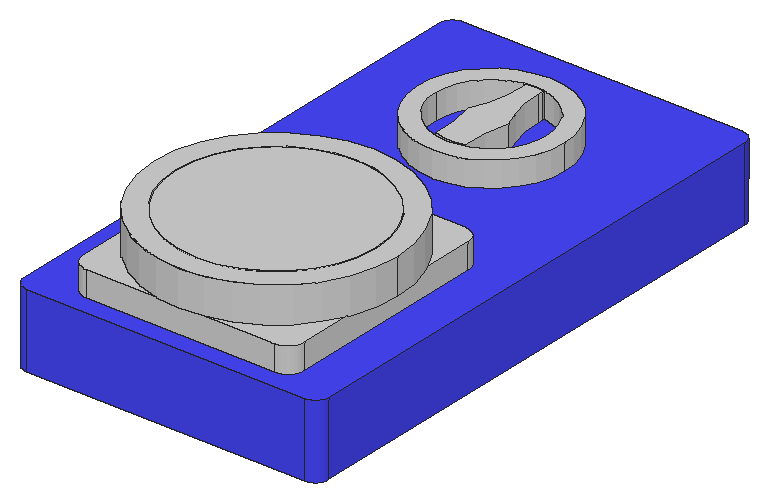
Revit family "Building-IEC309Connections-GEWISS-67IB-INTERLOCKED-SOCKET-OUTLETS_IP67_WITHOUT_BOTTOM_63A", category Apparecchi elettrici, host Superficie, Revit 2019
Family settings
  Host = Superficie
  Mantenere orientamento annotazione = Sì
  Quota connettore circolare = Usa diametro
  Tipo di parte = Normale
  Taglio con vuoti quando caricato = Sì
  Condiviso = Sì
  Punto di calcolo locali = Sì
Parameters (values of type "GW67366N - 63A 3P+N+E 500V V.INT.SOCK.O.N.B.7H SBF")
  vista 2d [instance] = yes
  presa = Giallo
  giallo = 0 mm
  dist_piano [instance] = 0 mm
  Working temperature = "-25 ÷ +40 °C"
  With back-mounting box = "No"
  Version file RFA = "21.4"
  URL = "https://www.gewiss.com/ww/en"
  Typology = "Vertical"
  Thermo-pressure with ball = "125 °C"
  Technical sheet = "https://www.gewiss.com/ww/en/search?q=GW67366N"
  Struttura = Grigio RAL - 7035
  Simbolo presa = PRESAINDSTAGNA : 3P
  Simbolo circuito [instance] = not(Simbolo)  # no
  Simbolo [instance] = yes
  Shock resistance = "IK08"
  SEO = "Socket outlet"
  Reference h = "7"
  Realized by GEWISS S.p.A. = ""
  Rated voltage: = "480 - 500 V"
  Rated voltage = "480 - 500 V"
  Rated frequency (Hz) = "50/60 Hz"
  Rated current (In) = "63"
  Rated current (A) = "63"
  Protection = "NO (SBF)"
  Default Elevation = 1219.2 mm
  Produttore = "GEWISS S.p.A."
  Operating temperature: = "-25 +40 °C"
  Number of poles = "3P+N+E"
  No. of poles = "3P+N+E"
  Modello = "GW67366N"
  Immagine tipo = D.jpg
  IP degree = "IP67"
  IDT = "3210f2e1-5490-4980-ba84-a365430e0752"
  IDF = "122861de-0204-44ac-8832-c9cd502636ad"
  Glow wire test: = "850 °C"
  Glow Wire Test = "850 °C"
  Frequency = "50/60 Hz"
  Electrocod = "2222"
  EAN code = "8011564742475"
  Distanza x [instance] = 500 mm
  Distanza orizzontale simbolo [instance] = 0 mm
  Distanza effettiva x [instance] = 1500 mm - Distanza x  # 1000 mm
  Descrizione = "63A 3P+N+E 500V V.INT.SOCK.O.N.B.7H SBF"
  Corpo presa = GEWISS -BLU
  Cornice simbolo [instance] = yes
  Colour: = "Black"
  Colour = "Black"
  Catalogue Range = "67 IB"
  Catalogue = "BUILDING"
  COBie.Tagnumber = ""
  COBie.CreatedOn = ""
  COBie.CreatebBy = ""
  COBie.ComponentRegisterItemID = ""
  COBie.Component.TagNumber = ""
  COBie.Component.Space = ""
  COBie.Component.SerialNumber = ""
  COBie.Component.InstallationDate = ""
  COBie.Component.Description = ""
  COBie.Component.BarCode = ""
Types (11, lengths in mm): name | Technical sheet | Reference h | Rated voltage: | Rated voltage | Number of poles | No. of poles | Modello | IDT | EAN code | Descrizione | Colour: | Colour
  GW67356N - 63A 2P+E 110V V.INT.SOCK.O.N.B.4H SBF | "https://www.gewiss.com/ww/en/search?q=GW67356N" | "4" | "100 - 130 V" | "100 - 130 V" | "2P+E" | "2P+E" | "GW67356N" | "26c39419-d3e0-4930-9803-9abcb1c1a306" | "8011564742376" | "63A 2P+E 110V V.INT.SOCK.O.N.B.4H SBF" | "Yellow" | "Yellow"
  GW67357N - 63A 3P+E 110V V.INT.SOCK.O.N.B.4H SBF | "https://www.gewiss.com/ww/en/search?q=GW67357N" | "4" | "100 - 130 V" | "100 - 130 V" | "3P+E" | "3P+E" | "GW67357N" | "5f02d633-e34b-40a4-a35e-811170157fda" | "8011564742383" | "63A 3P+E 110V V.INT.SOCK.O.N.B.4H SBF" | "Yellow" | "Yellow"
  GW67358N - 63A 3P+N+E 110V V.INT.SOCK.O.N.B.4H SBF | "https://www.gewiss.com/ww/en/search?q=GW67358N" | "4" | "100 - 130 V" | "100 - 130 V" | "3P+N+E" | "3P+N+E" | "GW67358N" | "93eb2776-fcce-4b19-b5dd-6011ab25fb3d" | "8011564742390" | "63A 3P+N+E 110V V.INT.SOCK.O.N.B.4H SBF" | "Yellow" | "Yellow"
  GW67359N - 63A 2P+E 220V V.INT.SOCK.O.N.B.6H SBF | "https://www.gewiss.com/ww/en/search?q=GW67359N" | "6" | "200 - 250 V" | "200 - 250 V" | "2P+E" | "2P+E" | "GW67359N" | "1ff93a93-9cc6-40fb-bdfa-01e282e61db8" | "8011564742406" | "63A 2P+E 220V V.INT.SOCK.O.N.B.6H SBF" | "Blue" | "Blue"
  GW67360N - 63A 3P+E 220V V.INT.SOCK.O.N.B.9H SBF | "https://www.gewiss.com/ww/en/search?q=GW67360N" | "9" | "200 - 250 V" | "200 - 250 V" | "3P+E" | "3P+E" | "GW67360N" | "ade45149-52f5-4abe-a77b-9372e4a2410f" | "8011564742413" | "63A 3P+E 220V V.INT.SOCK.O.N.B.9H SBF" | "Blue" | "Blue"
  GW67361N - 63A 3P+N+E 220V V.INT.SOCK.O.N.B.9H SBF | "https://www.gewiss.com/ww/en/search?q=GW67361N" | "9" | "200 - 250 V" | "200 - 250 V" | "3P+N+E" | "3P+N+E" | "GW67361N" | "71f62e0c-8f33-40b9-ad90-9193a196b102" | "8011564742420" | "63A 3P+N+E 220V V.INT.SOCK.O.N.B.9H SBF" | "Blue" | "Blue"
  GW67362N - 63A 2P+E 380V V.INT.SOCK.O.N.B.9H SBF | "https://www.gewiss.com/ww/en/search?q=GW67362N" | "9" | "380 - 415 V" | "380 - 415 V" | "2P+E" | "2P+E" | "GW67362N" | "43f2eb15-7a04-4c0a-9d15-f667176e4462" | "8011564742437" | "63A 2P+E 380V V.INT.SOCK.O.N.B.9H SBF" | "Red" | "Red"
  GW67363N - 63A 3P+E 380V V.INT.SOCK.O.N.B.6H SBF | "https://www.gewiss.com/ww/en/search?q=GW67363N" | "6" | "380 - 415 V" | "380 - 415 V" | "3P+E" | "3P+E" | "GW67363N" | "d5356561-e4a9-44be-92cc-860c7b09878b" | "8011564742444" | "63A 3P+E 380V V.INT.SOCK.O.N.B.6H SBF" | "Red" | "Red"
  GW67364N - 63A 3P+N+E 380V V.INT.SOCK.O.N.B.6H SBF | "https://www.gewiss.com/ww/en/search?q=GW67364N" | "6" | "380 - 415 V" | "380 - 415 V" | "3P+N+E" | "3P+N+E" | "GW67364N" | "e556fdd2-c85e-410a-8ddd-4bf9f2b33c7f" | "8011564742451" | "63A 3P+N+E 380V V.INT.SOCK.O.N.B.6H SBF" | "Red" | "Red"
  GW67365N - 63A 3P+E 500V V.INT.SOCK.O.N.B.7H SBF | "https://www.gewiss.com/ww/en/search?q=GW67365N" | "7" | "480 - 500 V" | "480 - 500 V" | "3P+E" | "3P+E" | "GW67365N" | "db613e6f-1299-4c04-8b3a-9093451a3381" | "8011564742468" | "63A 3P+E 500V V.INT.SOCK.O.N.B.7H SBF" | "Black" | "Black"
  GW67366N - 63A 3P+N+E 500V V.INT.SOCK.O.N.B.7H SBF | "https://www.gewiss.com/ww/en/search?q=GW67366N" | "7" | "480 - 500 V" | "480 - 500 V" | "3P+N+E" | "3P+N+E" | "GW67366N" | "3210f2e1-5490-4980-ba84-a365430e0752" | "8011564742475" | "63A 3P+N+E 500V V.INT.SOCK.O.N.B.7H SBF" | "Black" | "Black"
Reference planes
  plane 1 "Centro (Fronte/Retro)": y = 0
  plane 2: z = 0
  plane 3 "Centro (Sinistra/Destra)": x = 0
  plane 4: z = -2
  plane 5: z = -2
  plane 6: x = -1500
  plane 7: x = 0
  plane 8: x = -74.725
  plane 9: y = 132.145
  plane 10: x = 74.725
  plane 11: y = -132.145
  plane 12: z = -2
  plane 13: x = -500
Forms (mm)
  Extrusion 1, solid, detail levels coarse
    sketch origin (0, 0, 0) x (0, 1, 0) y (0, 0, 1)
      loop
        line (-132.145, 62) -> (-132.145, -2) -> (132.145, -2) -> (132.145, 62) -> (-132.145, 62)
    from -74.725 to 74.725
Lines and regions (mm)
  Masking region 1, visible <- "vista 2d"
    outline origin (0, 0, 0) x (1, 0, 0) y (0, 0, 1)
      loop
        line (-58, 45) -> (58, 45) -> (58, 62) -> (-58, 62) -> (-58, 45)
  Masking region 2, visible <- "vista 2d"
    outline origin (0, 0, 0) x (1, 0, 0) y (0, 0, 1)
      loop
        line (-52.725, 33) -> (52.725, 33) -> (52.725, 45) -> (-52.725, 45) -> (-52.725, 33)
  Masking region 3, visible <- "vista 2d"
    outline origin (0, 0, 0) x (1, 0, 0) y (0, 0, 1)
      loop
        line (-72.725, -2) -> (72.725, -2) -> (72.725, 33) -> (-72.725, 33) -> (-72.725, -2)
Dimensions and locks
  locked: plane 2 to plane 4 at 2
  "dist_piano": plane 12 to plane 4
  plane 3 "Centro (Sinistra/Destra)" to plane 6 = 1500 mm
  locked: nested 1 to plane 9 at 2
  locked: plane 8 to nested 1 at 2
  locked: plane 11 to nested 1 at 2
  locked: nested 1 to plane 10 at 2
  plane 5 to plane 12 = 0 mm
  "Distanza effettiva x": plane 6 to plane 13
  plane 6 to plane 3 "Centro (Sinistra/Destra)" = 1500 mm
  aligned and locked: plane 2 to host face
  aligned and locked: level to host face
  aligned and locked: plane 3 "Centro (Sinistra/Destra)" to nested 1
  aligned and locked: plane 7 to nested 1
  aligned and locked: nested 1 to plane 5
  aligned and locked: nested 2 to plane 13
  aligned and locked: Extrusion 1 sketch curve to plane 11
  aligned and locked: Extrusion 1 sketch curve to plane 9
  aligned and locked: Extrusion 1 sketch curve to nested 1
  aligned and locked: Extrusion 1 sketch curve to plane 5
  aligned and locked: Extrusion 1 to plane 8
  aligned and locked: Extrusion 1 to plane 10
  aligned and locked: Masking region 1 sketch curve to nested 1  (x4)
  aligned and locked: Masking region 2 sketch curve to nested 1  (x4)
  aligned and locked: Masking region 3 sketch curve to nested 1  (x3)
  aligned and locked: nested 1 to Masking region 3 sketch curve
  aligned and locked: nested 3 to plane 13
Automatic sketch dimensions
  host sketch curve to host sketch curve = 2438.4 mm  (x2)
Nested families
  nested 1: "67IB PRESE INTERBLOC VERT 63A IP67_base" at (0, 0, -2), type "67IB PRESE INTERBLOC VERT 63A IP67_base", detail levels medium+fine
  nested 2: "PRESAINDSTAGNA" at (-500, 132.145, 0), BORDO ACCESO <- "Cornice simbolo", SIMBOLO ACCESO <- "Simbolo", type <- "Simbolo presa", Distanza dal muro <- "Distanza orizzontale simbolo", type "3P"
    with SIMBOLO ACCESO yes, Distanza dal muro 0 mm, BORDO ACCESO yes
  nested 3: "simbolo_circuitoGW66324N" at (-500, 132.145, 0), Distanza dal muro <- "Distanza orizzontale simbolo", SIMBOLO ACCESO <- "Simbolo circuito", type "3P"
    with SIMBOLO ACCESO no, Distanza dal muro 0 mm, BORDO ACCESO yes
Connectors
  electrical at (0, 0.052, -2)
    settings: on nested 1, index 1, voltage 0 V, apparent load 0 VA, apparent load phase1 0 VA, apparent load phase2 0 VA, apparent load phase3 0 VA, power factor 1, load classification "Altro", number of poles 1, system type 31, power factor state 1, is connector primary yes, connector utility no, sub classification motor no, connector description ""
Definition of nested family "67IB PRESE INTERBLOC VERT 63A IP67_base"
  Parameters (values of type "67IB PRESE INTERBLOC VERT 63A IP67_base")
    w = 145.449 mm
    raggio = 47.607 mm
    l = 260.291 mm
    corpo presa = none
    Struttura = none
    Spessore = 30 mm
    Default Elevation = 14 mm
    Presa = none
    Lunghezza = 103 mm
    IFC.TypeObject = ""
    IFC.ExportType = ""
    IFC.ExportAs = ""
    H_da terra = 586.883 mm
    COBie.CreatedOn = ""
    COBie.CreatebBy = ""
    COBie.ComponentRegisterItemID = ""
    COBie.Component.TagNumber = ""
    COBie.Component.Space = ""
    COBie.Component.SerialNumber = ""
    COBie.Component.InstallationDate = ""
    COBie.Component.Description = ""
    COBie.Component.BarCode = ""
    Altezza = 220 mm
  Reference planes
    plane 1 "Centro (Fronte/Retro)": y = 0
    plane 2: z = 0
    plane 3 "Centro (Sinistra/Destra)": x = 0
    plane 4: z = 6.883
    plane 5: z = 10.499
    plane 6 "presa": z = 64
    plane 7: z = 47
    plane 8: z = 35
    plane 9: y = 130.145
    plane 10: y = -130.145
    plane 11: y = -8
    plane 12: x = 72.725
    plane 13: x = -72.725
    plane 14: x = -52.725
    plane 15: x = 52.725
    plane 16: y = -64.397
  Forms (mm)
    Extrusion 1, solid, material <- "Struttura"
      sketch origin (-1.116, -694.604, -30) x (1, 0, 0) y (0, 1, 0)
        loop
          line (-51.609, 678.83) -> (-51.609, 581.482)
          arc (-51.609, 581.482) -> (-49.266, 575.825) -> (-43.609, 573.482) r 8
          line (-43.609, 573.482) -> (45.841, 573.482)
          arc (45.841, 573.482) -> (51.497, 575.825) -> (53.841, 581.482) r 8
          line (53.841, 581.482) -> (53.841, 678.604)
          arc (53.841, 678.604) -> (51.497, 684.26) -> (45.841, 686.604) r 8
          line (45.841, 686.604) -> (-43.612, 686.604)
          arc (-43.612, 686.604) -> (-49.188, 684.34) -> (-51.609, 678.83) r 8
      from 65 to 77
    Extrusion 2, solid, material <- "Presa"
      sketch origin (-1.116, -710.854, -30) x (1, 0, 0) y (0, 1, 0)
        loop
          circle (1.116, 646.456) r 58
        loop
          circle (1.116, 646.456) r 47.607
      from 77 to 94
    Extrusion 3, solid, material <- "Struttura"
      sketch origin (-1.116, -687.104, -30) x (1, 0, 0) y (0, 1, 0)
        loop
          circle (0, 752.384) r 35
        loop
          circle (0, 752.384) r 26.483
      from 65 to 77
    Extrusion 4, solid, material <- "Struttura"
      sketch origin (-1.116, -687.104, -30) x (1, 0, 0) y (0, 1, 0)
        loop
          arc (-9.552, 750.899) -> (-7.429, 739.645) -> (-7.314, 728.193) r 64.983
          arc (-7.314, 728.193) -> (-0.131, 727.067) -> (7.064, 728.115) r 24.316
          arc (7.064, 728.115) -> (7.302, 739.566) -> (9.547, 750.796) r 64.983
          arc (9.547, 750.796) -> (5.519, 762.425) -> (4.215, 774.661) r 54.251
          line (4.215, 774.661) -> (4.25, 777.658)
          arc (4.25, 777.658) -> (3.985, 778.329) -> (3.336, 778.647) r 1
          arc (3.336, 778.647) -> (0.147, 778.794) -> (-3.043, 778.682) r 39.364
          arc (-3.043, 778.682) -> (-3.695, 778.371) -> (-3.967, 777.702) r 1
          line (-3.967, 777.702) -> (-3.964, 774.706)
          arc (-3.964, 774.706) -> (-5.4, 762.483) -> (-9.552, 750.899) r 54.251
      from 65 to 77
    Extrusion 5, solid, material <- "corpo presa"
      sketch origin (-3.616, -699.604, -30) x (1, 0, 0) y (0, 1, 0)
        loop
          arc (76.341, 823.443) -> (74.494, 827.902) -> (70.035, 829.749) r 6.306
          line (70.035, 829.749) -> (-62.803, 829.749)
          arc (-62.803, 829.749) -> (-67.262, 827.902) -> (-69.109, 823.443) r 6.306
          line (-69.109, 823.443) -> (-69.109, 575.973)
          arc (-69.109, 575.973) -> (-67.201, 571.366) -> (-62.594, 569.458) r 6.515
          line (-62.594, 569.458) -> (69.826, 569.458)
          arc (69.826, 569.458) -> (74.432, 571.366) -> (76.341, 575.973) r 6.515
          line (76.341, 575.973) -> (76.341, 823.443)
      from 30 to 65
    Extrusion 6, solid, material <- "Struttura", not visible
      sketch origin (0, 47.014, -580) x (1, 0, 0) y (0, 0, 1)
        loop
          line (-0.408, 691.748) -> (-29.506, 691.748)
          spline (-29.506, 691.748) -> (-30.55, 691.681) -> (-31.576, 691.48) -> (-32.567, 691.148) -> (-33.505, 690.693) -> (-34.375, 690.12) -> (-35.161, 689.441) -> (-35.851, 688.666) -> (-36.432, 687.809) -> (-36.895, 686.885) -> (-37.231, 685.909) -> (-37.435, 684.898) -> (-37.503, 683.87)
          line (-37.503, 683.87) -> (-37.503, 615.12)
          spline (-37.503, 615.12) -> (-37.435, 614.091) -> (-37.231, 613.081) -> (-36.895, 612.105) -> (-36.432, 611.18) -> (-35.851, 610.324) -> (-35.161, 609.549) -> (-34.375, 608.869) -> (-33.505, 608.297) -> (-32.567, 607.841) -> (-31.576, 607.51) -> (-30.55, 607.309) -> (-29.506, 607.241)
          line (-29.506, 607.241) -> (0, 607.241) -> (29.506, 607.241)
          spline (29.506, 607.241) -> (30.55, 607.309) -> (31.576, 607.51) -> (32.567, 607.841) -> (33.505, 608.297) -> (34.375, 608.869) -> (35.161, 609.549) -> (35.851, 610.324) -> (36.432, 611.18) -> (36.895, 612.105) -> (37.231, 613.081) -> (37.435, 614.091) -> (37.503, 615.12)
          line (37.503, 615.12) -> (37.503, 683.87)
          spline (37.503, 683.87) -> (37.435, 684.898) -> (37.231, 685.909) -> (36.895, 686.885) -> (36.432, 687.809) -> (35.851, 688.666) -> (35.161, 689.441) -> (34.375, 690.12) -> (33.505, 690.693) -> (32.567, 691.148) -> (31.576, 691.48) -> (30.55, 691.681) -> (29.506, 691.748)
          line (29.506, 691.748) -> (-0.408, 691.748)
      from 51.991 to 55.821
    Extrusion 7, solid, material <- "Presa", not visible
      sketch origin (0, 47.014, -580) x (1, 0, 0) y (0, 0, 1)
        loop
          circle (0, 646.456) r 46.899
      from 55.821 to 62.709
    Extrusion 8, solid, material <- "Struttura", not visible
      sketch origin (0, 47.014, -580) x (1, 0, 0) y (0, 0, 1)
        loop
          circle (0, 752.384) r 30.831
        loop
          circle (0, 752.384) r 26.483
      from 51.991 to 62.709
    Extrusion 9, solid, material <- "Struttura", not visible
      sketch origin (0, 47.014, -580) x (1, 0, 0) y (0, 0, 1)
        loop
          arc (-9.552, 750.899) -> (-7.429, 739.645) -> (-7.314, 728.193) r 64.983
          arc (-7.314, 728.193) -> (-0.131, 727.067) -> (7.064, 728.115) r 24.316
          arc (7.064, 728.115) -> (7.302, 739.566) -> (9.547, 750.796) r 64.983
          arc (9.547, 750.796) -> (5.519, 762.425) -> (4.215, 774.661) r 54.251
          line (4.215, 774.661) -> (4.25, 777.658)
          arc (4.25, 777.658) -> (3.985, 778.329) -> (3.336, 778.647) r 1
          arc (3.336, 778.647) -> (0.147, 778.794) -> (-3.043, 778.682) r 39.364
          arc (-3.043, 778.682) -> (-3.695, 778.371) -> (-3.967, 777.702) r 1
          line (-3.967, 777.702) -> (-3.964, 774.706)
          arc (-3.964, 774.706) -> (-5.4, 762.483) -> (-9.552, 750.899) r 54.251
      from 51.991 to 62.709
    Extrusion 10, solid, material <- "corpo presa", not visible
      sketch origin (0, 47.014, -580) x (1, 0, 0) y (0, 0, 1)
        loop
          arc (47.884, 796.962) -> (46.037, 801.42) -> (41.578, 803.267) r 6.306
          line (41.578, 803.267) -> (-41.578, 803.267)
          arc (-41.578, 803.267) -> (-46.037, 801.42) -> (-47.884, 796.962) r 6.306
          line (-47.884, 796.962) -> (-47.884, 597.014)
          arc (-47.884, 597.014) -> (-45.976, 592.407) -> (-41.369, 590.499) r 6.515
          line (-41.369, 590.499) -> (41.369, 590.499)
          arc (41.369, 590.499) -> (45.976, 592.407) -> (47.884, 597.014) r 6.515
          line (47.884, 597.014) -> (47.884, 796.962)
      from 30 to 51.991
    Extrusion 11, solid, material <- "Struttura"
      sketch origin (0, 0, 0) x (1, 0, 0) y (0, 1, 0)
        loop
          circle (0, -64.397) r 47.607
      from 47 to 64
  Lines and regions (mm)
    symbolic lines
      curve 1: line (-47.607, -64.397, 64) -> (47.607, -64.397, 64)
      curve 2: line (0, -16.791, 64) -> (0, -112.004, 64)
  Dimensions and locks
    locked: plane 5 to plane 4 at 3.616
    Extrusion 5 sketch curve to Extrusion 5 sketch curve = 145.449 mm
    plane 6 "presa" to plane 2 = 64 mm
    locked: plane 7 to plane 6 "presa" at 17
    plane 8 to plane 2 = 35 mm
    locked: plane 8 to plane 7 at 12
    equal spacing: plane 10, plane 1 "Centro (Fronte/Retro)", plane 9
    "l": plane 10 to plane 9
    locked: plane 1 "Centro (Fronte/Retro)" to plane 11 at 8
    equal spacing: plane 13, plane 3 "Centro (Sinistra/Destra)", plane 12
    "w": plane 13 to plane 12
    locked: plane 13 to plane 14 at 20
    plane 15 to plane 12 = 20 mm
    equal spacing: plane 14, plane 3 "Centro (Sinistra/Destra)", plane 15
    radius of Extrusion 5 sketch curve = 6.306 mm  (x2)
    radius of Extrusion 5 sketch curve = 6.515 mm  (x2)
    radius of Extrusion 1 sketch curve = 8 mm  (x3)
    "raggio": radius of Extrusion 11 sketch curve
    "raggio": radius of Extrusion 2 sketch curve
    aligned and locked: level to plane 2
    aligned and locked: Extrusion 3 to Extrusion 5
    aligned and locked: Extrusion 4 to Extrusion 3
    aligned and locked: Extrusion 3 to Extrusion 4
    aligned and locked: Extrusion 2 to Extrusion 1
    aligned and locked: Extrusion 5 to level
    aligned and locked: plane 6 "presa" to Extrusion 2
    aligned and locked: Extrusion 11 to Extrusion 1
    aligned and locked: plane 6 "presa" to Extrusion 11
    aligned and locked: Extrusion 1 to plane 7
    aligned and locked: Extrusion 5 to plane 8
    aligned and locked: plane 8 to Extrusion 1
    aligned and locked: Extrusion 3 to plane 7
    aligned and locked: plane 10 to Extrusion 5
    aligned and locked: Extrusion 5 to plane 9
    aligned and locked: Extrusion 5 sketch curve to plane 13
    aligned and locked: plane 14 to Extrusion 1 sketch curve
    aligned and locked: Extrusion 1 sketch curve to plane 15
    aligned and locked: plane 3 "Centro (Sinistra/Destra)" to Extrusion 2 sketch curve  (x2)
    aligned and locked: plane 16 to Extrusion 2 sketch curve  (x2)
    aligned and locked: curve 1 to plane 16
    aligned and locked: curve 2 to plane 3 "Centro (Sinistra/Destra)"
  Automatic sketch dimensions
    Extrusion 3 sketch curve to Extrusion 3 sketch curve = 0 mm  (x2)
    Extrusion 3 sketch curve to plane 3 "Centro (Sinistra/Destra)" = 1.116 mm
    Extrusion 3 sketch curve to plane 1 "Centro (Fronte/Retro)" = 65.28 mm
    Extrusion 4 sketch curve to plane 1 "Centro (Fronte/Retro)" = 46.167 mm
    Extrusion 4 sketch curve to plane 3 "Centro (Sinistra/Destra)" = 73.214 mm
    Extrusion 4 sketch curve to Extrusion 4 sketch curve = 13.883 mm
    Extrusion 4 sketch curve to plane 3 "Centro (Sinistra/Destra)" = 5.083 mm
    Extrusion 4 sketch curve to Extrusion 4 sketch curve = 0.003 mm
    Extrusion 4 sketch curve to Extrusion 4 sketch curve = 1 mm  (x2)
    Extrusion 4 sketch curve to plane 3 "Centro (Sinistra/Destra)" = 1.18 mm
    Extrusion 4 sketch curve to plane 3 "Centro (Sinistra/Destra)" = 1.116 mm
    plane 3 "Centro (Sinistra/Destra)" to Extrusion 4 sketch curve = 2.134 mm
    plane 3 "Centro (Sinistra/Destra)" to Extrusion 4 sketch curve = 3.099 mm
    Extrusion 4 sketch curve to Extrusion 4 sketch curve = 54.25 mm
    Extrusion 4 sketch curve to Extrusion 4 sketch curve = 13.435 mm
    Extrusion 4 sketch curve to plane 1 "Centro (Fronte/Retro)" = 45.393 mm
    Extrusion 4 sketch curve to plane 1 "Centro (Fronte/Retro)" = 52.327 mm
    Extrusion 4 sketch curve to Extrusion 4 sketch curve = 11.953 mm
    Extrusion 4 sketch curve to Extrusion 4 sketch curve = 41.757 mm
    Extrusion 4 sketch curve to Extrusion 4 sketch curve = 23.278 mm
    Extrusion 4 sketch curve to Extrusion 4 sketch curve = 0.044 mm
    Extrusion 4 sketch curve to Extrusion 4 sketch curve = 41.61 mm
    Extrusion 4 sketch curve to Extrusion 4 sketch curve = 2.99 mm
    Extrusion 4 sketch curve to Extrusion 4 sketch curve = 0.007 mm
    Extrusion 4 sketch curve to Extrusion 4 sketch curve = 2.979 mm
    Extrusion 4 sketch curve to Extrusion 4 sketch curve = 0.018 mm
    Extrusion 4 sketch curve to Extrusion 4 sketch curve = 9.552 mm
    Extrusion 4 sketch curve to plane 3 "Centro (Sinistra/Destra)" = 8.43 mm
    Extrusion 4 sketch curve to Extrusion 4 sketch curve = 0 mm
    plane 3 "Centro (Sinistra/Destra)" to Extrusion 4 sketch curve = 5.949 mm
    plane 9 to Extrusion 5 sketch curve = 0 mm
    plane 10 to Extrusion 5 sketch curve = 0 mm
    Extrusion 1 sketch curve to plane 11 = 0 mm
    Extrusion 1 sketch curve to Extrusion 1 sketch curve = 7.997 mm
    Extrusion 1 sketch curve to Extrusion 1 sketch curve = 8 mm
    Extrusion 1 sketch curve to plane 10 = 9.024 mm
    curve 2 to plane 11 = 8.791 mm
    curve 2 to plane 10 = 18.141 mm
    curve 1 to plane 14 = 5.118 mm
    curve 1 to plane 15 = 5.118 mm
    Extrusion 11 sketch curve to plane 3 "Centro (Sinistra/Destra)" = 0 mm
    Extrusion 11 sketch curve to plane 16 = 0 mm
    radius of Extrusion 3 sketch curve = 35 mm
    radius of Extrusion 3 sketch curve = 26.483 mm
    radius of Extrusion 2 sketch curve = 58 mm
Definition of nested family "PRESAINDSTAGNA"
  Parameters (values of type "3P")
    SIMBOLO ACCESO [instance] = yes
    SIMBOLO = PRESAINDSTAGNA_BASE : 3P
    Distanza dal muro [instance] = 0 mm
    BORDO ACCESO [instance] = yes
  Types (2): name
    2P
    3P
  Reference planes
    plane 1: y = 0
    plane 2: x = 0
  Dimensions and locks
    "Distanza dal muro": plane 1 to nested 1
    aligned and locked: plane 2 to nested 1
  Nested families
    nested 1: "PRESAINDSTAGNA_BASE" at (0, 0, 0), type <- "SIMBOLO", CORNICE SIMBOLO <- "BORDO ACCESO", visible <- "SIMBOLO ACCESO", type "3P"
  Definition of nested family "PRESAINDSTAGNA_BASE"
    Parameters (values of type "3P")
      CORNICE SIMBOLO [instance] = yes
      3P = yes
    Types (2, lengths in mm): name | 3P
      3P | yes
      2P | no
    Reference planes
      plane 1: y = 0
      plane 2: x = 0
    Lines and regions (mm)
      detail lines, not visible
        curve 1: line (-2.443, 10.208, 0) -> (2.057, 10.208, 0)
        curve 2: line (2.057, 10.208, 0) -> (2.057, 4.208, 0)
        curve 3: line (2.057, 4.208, 0) -> (-2.443, 4.208, 0)
        curve 4: line (-2.443, 4.208, 0) -> (-2.443, 10.208, 0)
        curve 5: line (-2.043, 9.808, 0) -> (1.657, 9.808, 0)
        curve 6: line (1.657, 9.808, 0) -> (1.657, 4.608, 0)
        curve 7: line (1.657, 4.608, 0) -> (-2.043, 4.608, 0)
        curve 8: line (-2.043, 4.608, 0) -> (-2.043, 9.808, 0)
      detail lines
        curve 9: line (-0.333, 0.928, 0) -> (-0.05, 0.928, 0)
        curve 10: line (-0.05, 0.928, 0) -> (0.417, 1.737, 0)
        curve 11: line (0.417, 1.737, 0) -> (0.764, 1.537, 0)
        curve 12: line (-0.05, 0.928, 0) -> (-0.333, 0.437, 0)
        curve 13: line (-0.333, 0.437, 0) -> (-0.333, 2.059, 0)
        curve 14: line (0.222, 1.399, 0) -> (0.569, 1.199, 0)
        curve 15: line (-0.723, 0.437, 0) -> (0.057, 0.437, 0)
        curve 16: line (-0.333, 0.81, 0) -> (-0.216, 0.928, 0)
        curve 17: line (-0.333, 0.741, 0) -> (-0.147, 0.928, 0)
        curve 18: line (-0.333, 0.672, 0) -> (-0.078, 0.928, 0)
        curve 19: line (-0.333, 0.603, 0) -> (-0.106, 0.831, 0)
        curve 20: line (-0.333, 0.534, 0) -> (-0.2, 0.668, 0)
        curve 21: arc (-0.723, 0.047, 0) -> (-0.333, 0.437, 0) -> (0.057, 0.047, 0) r 0.39
        curve 22: line (-0.8, 2.1, 0) -> (0.8, 2.1, 0)
        curve 23: line (-0.8, 0, 0) -> (-0.8, 2.1, 0)
        curve 24: line (0.8, 0, 0) -> (-0.8, 0, 0)
        curve 25: line (0.8, 2.1, 0) -> (0.8, 0, 0)
Definition of nested family "simbolo_circuitoGW66324N"
  Parameters (values of type "3P")
    SIMBOLO ACCESO [instance] = yes
    SIMBOLO = PRESAINDSTAGNA_BASE : 3P
    Distanza dal muro [instance] = 0 mm
    BORDO ACCESO [instance] = yes
  Reference planes
    plane 1: y = 0
    plane 2: x = 0
  Dimensions and locks
    "Distanza dal muro": plane 1 to nested 1
    aligned and locked: plane 2 to nested 1
  Nested families
    nested 1: "GW66201N-simb_base_di circuito" at (0, 0, 0), visible <- "SIMBOLO ACCESO", type "3P"
      with CORNICE SIMBOLO yes
  Definition of nested family "GW66201N-simb_base_di circuito"
    Parameters (values of type "3P")
      CORNICE SIMBOLO [instance] = yes
      3P = yes
    Types (2, lengths in mm): name | 3P
      3P | yes
      2P | no
    Reference planes
      plane 1: y = 0
      plane 2: x = 0
    Lines and regions (mm)
      detail lines, not visible
        curve 1: line (-2.443, 10.208, 0) -> (2.057, 10.208, 0)
        curve 2: line (2.057, 10.208, 0) -> (2.057, 4.208, 0)
        curve 3: line (2.057, 4.208, 0) -> (-2.443, 4.208, 0)
        curve 4: line (-2.443, 4.208, 0) -> (-2.443, 10.208, 0)
        curve 5: line (-2.043, 9.808, 0) -> (1.657, 9.808, 0)
        curve 6: line (1.657, 9.808, 0) -> (1.657, 4.608, 0)
        curve 7: line (1.657, 4.608, 0) -> (-2.043, 4.608, 0)
        curve 8: line (-2.043, 4.608, 0) -> (-2.043, 9.808, 0)
    Dimensions and locks
      aligned and locked: import instance to plane 2
      aligned and locked: plane 1 to import instance
